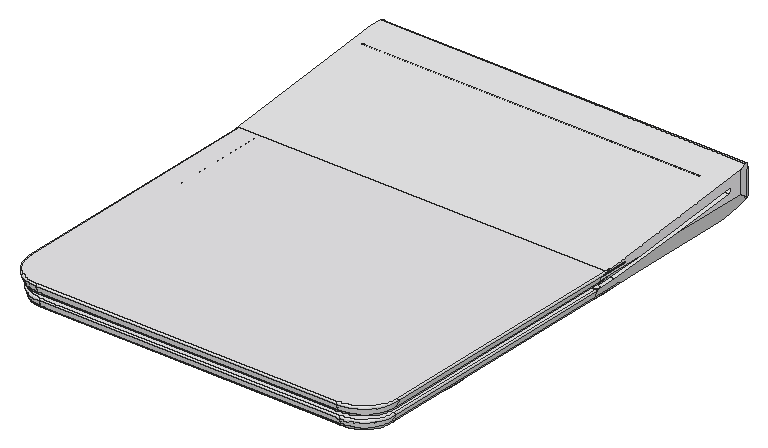
Revit family "Toilet_Seat-Square_Closed_Front-KOHLER-REVE-K-29020IN-1", category Specialty Equipment, host Face, Revit 2017
Family settings
  Host = Face
  Round Connector Dimension = Use Diameter
  Part Type = Normal
  OmniClass Number = 23.31.25.00
  Cut with Voids When Loaded = No
  Shared = No
  Room Calculation Point = No
Parameters (values of type "0-White")
  Width = 14 99/256"  # constant formula
  WaterSense Certified = 1 = 0  # no
  URL = "https://www.kohler.co.in/"
  Type = 1
  Product Page URL = ""
  Product Name = "REVE"  # constant formula
  Product Documentation Link = ""
  Model = "K-29020IN-UF-0"  # constant formula
  Material = "Plastic"  # constant formula
  Master Format 2014 Name = "Toilet, Bath, and Laundry Accessories"  # constant formula
  Master Format 2014 = "10 28 00"  # constant formula
  Manufacturer Address = "Ambience Office Tower NH-8 Gurgaon / Gurugram Haryana , 122001\r\n"  # constant formula
  Manufacturer = "KOHLER Co."  # constant formula
  Length = 18 115/128"  # constant formula
  Height = 2 31/256"  # constant formula
  Finish = Kohler-Plastic-0-White
  Environmental Product Declaration = ""
  Description = "Quiet Close Slim Seat UF"  # constant formula
  Default Elevation = 0"
  Declare Label = ""
  Date Modified = "12/29/2020"  # constant formula
  Date Created = "12/29/2020"  # constant formula
  Copyright = "Copyright KOHLER Co."  # constant formula
  Contact Us = "https://www.kohler.co.in/contact-us"
  Assembly Code = "C1030200"
  ADA Compliant = 1 = 0  # no
Reference planes (in)
  plane 1 "Center (Front/Back)": y = 0
  plane 2: z = 0
  plane 3 "Center (Left/Right)": x = 0
  plane 4: x = 7.19271
  plane 5: x = -7.19401
  plane 6: y = 9.44922
  plane 7: y = -9.44922
  plane 8: z = 2.12109
  plane 9: x = -5.58192
  plane 10: x = 5.58192
  plane 11: z = 0.30761
  plane 12: y = 4.44149
  plane 13: y = -6.00708
  plane 14: z = 0.82523
  plane 15: z = 0.23016
Dimensions and locks (in)
  equal spacing: plane 7, plane 1 "Center (Front/Back)", plane 6
  "Width": plane 5 to plane 4
  "Length": plane 7 to plane 6
  "Height": plane 8 to level
  plane 8 to plane 15 = 1.89093"
  plane 14 to plane 11 = 0.51761"
  plane 9 to plane 10 = 11.16383"
  plane 13 to plane 12 = 10.44858"
  aligned and locked: plane 2 to host face
  aligned and locked: level to host face
Automatic sketch dimensions
  host sketch curve to host sketch curve = 96"  (x2)
Nested families (in)
  nested 1: "K-29020IN" at (0, 0, 0), type "K-29020IN"
Definition of nested family "K-29020IN"
  Parameters (values of type "K-29020IN")
    Material = none
  Reference planes (in)
    plane 1 "Center (Front/Back)": y = 0
    plane 2: z = 0
    plane 3 "Center (Left/Right)": x = 0
    plane 4: y = 9.44882
    plane 5: y = -9.41904
    plane 6: x = -7.19271
    plane 7: x = 7.19271
    plane 8: z = 2.12101
    plane 9: z = 1.38208
    plane 10: z = 1.02279
    plane 11: z = 0.82523
    plane 12: z = 0.47873
    plane 13: z = 0.30761
    plane 14: z = 1.3058
    plane 15: z = 1.07991
    plane 16: z = 0.7498
    plane 17: z = 0.53517
    plane 18: y = 4.44149
    plane 19: y = -6.00708
    plane 20: x = -4.06743
    plane 21: x = 4.07614
    plane 22: y = 9.35638
    plane 23: y = 9.05931
    plane 24: y = 9.32323
    plane 25: y = 9.24048
    plane 26: z = 0.23007
  Forms (in)
    Sweep 1, solid, material <- "Material", detail levels medium+fine
      path origin (0, 0, 1.53684) x (1, 0, 0) y (0, 1, 0)
        loop
          line (7.18639, 2.95248) -> (7.18639, -8.07114)
          arc (7.18639, -8.07114) -> (6.79245, -9.02221) -> (5.84138, -9.41616) r 1.34502
          line (5.84138, -9.41616) -> (-5.8423, -9.41616)
          arc (-5.8423, -9.41616) -> (-6.79271, -9.02248) -> (-7.18639, -8.07207) r 1.34409
          line (-7.18639, -8.07207) -> (-7.18639, 2.7547)
      profile origin (-0.00046, -9.41616, 1.53684) x (0, -1, 0) y (0, 0, 1)
        loop
          line (-1.30966, -0.15476) -> (-1.30966, -0.51404) -> (-0.15266, -0.51404)
          arc (-0.15266, -0.51404) -> (-0.10315, -0.49794) -> (-0.07258, -0.45579) r 0.08417
          line (-0.07258, -0.45579) -> (0.00027, -0.23062)
          arc (0.00027, -0.23062) -> (-0.00801, -0.17864) -> (-0.05492, -0.15476) r 0.05801
          line (-0.05492, -0.15476) -> (-1.30966, -0.15476)
        loop
          line (-1.30966, -0.71161) -> (-1.30966, -1.05811) -> (-0.2936, -1.05811)
          arc (-0.2936, -1.05811) -> (-0.24408, -1.042) -> (-0.21352, -0.99985) r 0.08417
          line (-0.21352, -0.99985) -> (-0.1448, -0.78747)
          arc (-0.1448, -0.78747) -> (-0.15308, -0.73549) -> (-0.19999, -0.71161) r 0.05801
          line (-0.19999, -0.71161) -> (-1.30966, -0.71161)
    Extrusion 2, solid, material <- "Material", detail levels medium+fine
      sketch origin (0, 0, 1.53684) x (1, 0, 0) y (0, 1, 0)
        loop
          line (5.87674, 3.73988) -> (-5.87673, 3.73988) -> (-5.87673, -8.07207)
          arc (-5.87673, -8.07207) -> (-5.86665, -8.09642) -> (-5.8423, -8.1065) r 0.03443
          line (-5.8423, -8.1065) -> (5.84138, -8.1065)
          arc (5.84138, -8.1065) -> (5.86638, -8.09615) -> (5.87674, -8.07114) r 0.03536
          line (5.87674, -8.07114) -> (5.87674, 3.73988)
      from -1.05811 to -0.15476
    Extrusion 3, solid, material <- "Material", detail levels medium+fine
      sketch origin (0, 0, 1.53684) x (0, 1, 0) y (0, 0, 1)
        loop
          line (9.24864, 0.11608) -> (8.99569, 0.55545)
          arc (8.99569, 0.55545) -> (8.97172, 0.5782) -> (8.93922, 0.58417) r 0.05799
          line (8.93922, 0.58417) -> (1.7653, -0.1898) -> (1.7653, -1.05811) -> (4.04508, -1.05811) -> (7.87902, -0.99119)
          arc (7.87902, -0.99119) -> (8.30189, -0.95131) -> (8.71373, -0.84738) r 2.77602
          arc (8.71373, -0.84738) -> (8.97357, -0.71894) -> (9.18962, -0.52571) r 1.07434
          arc (9.18962, -0.52571) -> (9.32088, -0.21417) -> (9.24864, 0.11608) r 0.55925
      from -7.19012 to 7.18898
    Extrusion 4, void
      sketch origin (0, 0, 1.53684) x (1, 0, 0) y (0, 1, 0)
        loop
          arc (6.81624, 9.32361) -> (6.9037, 9.28918) -> (6.97726, 9.23065) r 0.31758
          arc (6.97726, 9.23065) -> (7.0405, 9.14597) -> (7.084, 9.04966) r 0.48747
          arc (7.084, 9.04966) -> (7.17638, 8.67433) -> (7.21217, 8.28947) r 2.6031
          line (7.21217, 8.28947) -> (7.28586, 8.28947) -> (7.28586, 9.41443) -> (6.50234, 9.41443) -> (6.50234, 9.37123)
          arc (6.50234, 9.37123) -> (6.66019, 9.35338) -> (6.81624, 9.32361) r 2.09193
        loop
          arc (-6.81623, 9.32361) -> (-6.66019, 9.35338) -> (-6.50234, 9.37123) r 2.09193
          line (-6.50234, 9.37123) -> (-6.50234, 9.41443) -> (-7.28586, 9.41443) -> (-7.28586, 8.28947) -> (-7.21217, 8.28947)
          arc (-7.21217, 8.28947) -> (-7.17638, 8.67433) -> (-7.084, 9.04966) r 2.6031
          arc (-7.084, 9.04966) -> (-7.0405, 9.14597) -> (-6.97726, 9.23065) r 0.48747
          arc (-6.97726, 9.23065) -> (-6.9037, 9.28918) -> (-6.81623, 9.32361) r 0.31758
      from -1.24662 to 0.68216
    Extrusion 5, void
      sketch origin (0, 0, 1.53684) x (0, 1, 0) y (0, 0, 1)
        loop
          line (-10.01668, -0.51404) -> (-10.01668, -0.71161) -> (1.72526, -0.71161)
          arc (1.72526, -0.71161) -> (2.15893, -0.69964) -> (2.59128, -0.66378) r 7.8633
          line (2.59128, -0.66378) -> (8.04807, -0.05912)
          arc (8.04807, -0.05912) -> (8.13225, 0.04575) -> (8.02762, 0.13023) r 0.09522
          line (8.02762, 0.13023) -> (2.71736, -0.4279)
          arc (2.71736, -0.4279) -> (1.89668, -0.49249) -> (1.07374, -0.51404) r 15.72413
          line (1.07374, -0.51404) -> (-10.01668, -0.51404)
      from -7.76546 to 7.9688
    Extrusion 6, void
      sketch origin (0, 0, 0.02201) x (1, 0, 0) y (0, 0, 1)
        loop
          line (7.2628, 0.45672) -> (7.2628, 1.40626) -> (6.95556, 0.45672) -> (7.2628, 0.45672)
        loop
          line (-7.26394, 0.35784) -> (-6.9247, 0.35784) -> (-7.26394, 1.40626) -> (-7.26394, 0.35784)
      from -9.78941 to -0.77455
    Sweep 7, solid, material <- "Material", detail levels medium+fine
      path origin (0, 0, 0) x (1, 0, 0) y (0, 1, 0)
        loop
          arc (-3.83272, 2.01106) -> (-4.35477, -0.84327) -> (-3.83272, -3.6976) r 8.06424
          arc (-3.83272, -3.6976) -> (-2.83657, -5.19043) -> (-1.28726, -6.09626) r 3.99332
          arc (-1.28726, -6.09626) -> (0.05872, -6.29417) -> (1.40027, -6.06822) r 4.36626
          arc (1.40027, -6.06822) -> (2.55761, -5.43509) -> (3.42316, -4.43954) r 3.74016
          arc (3.42316, -4.43954) -> (4.17056, -2.62096) -> (4.35329, -0.66329) r 6.64746
          arc (4.35329, -0.66329) -> (4.18759, 0.68909) -> (3.8439, 2.00752) r 10.24464
          arc (3.8439, 2.00752) -> (3.37702, 2.94822) -> (2.66966, 3.72446) r 3.78586
          arc (2.66966, 3.72446) -> (1.42108, 4.45013) -> (0.00406, 4.72871) r 4.36527
          arc (0.00406, 4.72871) -> (-1.4238, 4.49253) -> (-2.6594, 3.73895) r 3.79473
          arc (-2.6594, 3.73895) -> (-3.34793, 2.94418) -> (-3.83272, 2.01106) r 4.48995
      profile origin (-4.35477, -0.84327, 0) x (1, 0, 0) y (0, 0, 1)
        loop
          arc (-0.3081, 0.05985) -> (-0.2435, 0.01559) -> (-0.16676, 0.00001) r 0.19685
          line (-0.16676, 0.00001) -> (0.28733, 0.00001) -> (0.28733, 0.57057) -> (-1.57095, 0.57057)
          arc (-1.57095, 0.57057) -> (-1.43409, 0.52369) -> (-1.29087, 0.50333) r 0.76756
          arc (-1.29087, 0.50333) -> (-0.75718, 0.37535) -> (-0.3081, 0.05985) r 1.46415
    Extrusion 8, solid, material <- "Material", detail levels medium+fine
      sketch origin (0, 0, 0) x (1, 0, 0) y (0, 1, 0)
        loop
          arc (-3.864, 9.44882) -> (-4.04662, 9.43438) -> (-4.22471, 9.39143) r 1.16234
          arc (-4.22471, 9.39143) -> (-4.50647, 9.25903) -> (-4.74721, 9.06163) r 1.26107
          arc (-4.74721, 9.06163) -> (-4.83271, 8.85318) -> (-4.75487, 8.64176) r 0.31071
          arc (-4.75487, 8.64176) -> (-4.3526, 8.3452) -> (-3.864, 8.24016) r 1.18892
          line (-3.864, 8.24016) -> (3.864, 8.24016)
          arc (3.864, 8.24016) -> (4.3526, 8.3452) -> (4.75487, 8.64176) r 1.18892
          arc (4.75487, 8.64176) -> (4.83271, 8.85318) -> (4.74722, 9.06163) r 0.31071
          arc (4.74722, 9.06163) -> (4.50648, 9.25903) -> (4.22471, 9.39143) r 1.26107
          arc (4.22471, 9.39143) -> (4.04662, 9.43438) -> (3.864, 9.44882) r 1.16234
          line (3.864, 9.44882) -> (-3.864, 9.44882)
      from 0.23007 to 1.37543
    Extrusion 9, solid, material <- "Material", detail levels medium+fine
      sketch origin (0, 0, 0) x (0, 1, 0) y (0, 0, 1)
        loop
          circle (8.84449, 1.33331) r 0.51189
      from -5.56603 to 5.53623
    Extrusion 10, void
      sketch origin (0, 0, 0) x (1, 0, 0) y (0, 0, 1)
        loop
          line (5.53623, 1.98178) -> (-5.56338, 1.98178) -> (-5.56338, 0.47873) -> (5.53623, 0.47873) -> (5.53623, 1.98178)
      from -9.44882 to -8.24016
    Extrusion 11, void
      sketch origin (0, 0, 0) x (0, 1, 0) y (0, 0, 1)
        loop
          line (9.33237, 1.56108) -> (9.4538, 0.17319) -> (9.67244, 0.17319) -> (9.67244, 1.56108) -> (9.33237, 1.56108)
      from -4.47657 to 4.92126
    Extrusion 12, solid, material <- "Material", detail levels medium+fine
      sketch origin (0, 0, 0) x (1, 0, 0) y (0, 1, 0)
        loop
          arc (6.6155, -5.56125) -> (6.67473, -5.58438) -> (6.7208, -5.54055) r 0.05925
          arc (6.7208, -5.54055) -> (6.80673, -4.82936) -> (6.71596, -4.11878) r 2.90423
          arc (6.71596, -4.11878) -> (6.66563, -4.07182) -> (6.60192, -4.09786) r 0.06384
          arc (6.60192, -4.09786) -> (6.37323, -4.83174) -> (6.6155, -5.56125) r 1.25459
        loop
          arc (-6.6155, -5.56125) -> (-6.37323, -4.83174) -> (-6.60191, -4.09786) r 1.25459
          arc (-6.60191, -4.09786) -> (-6.66563, -4.07182) -> (-6.71596, -4.11878) r 0.06384
          arc (-6.71596, -4.11878) -> (-6.80673, -4.82936) -> (-6.7208, -5.54055) r 2.90423
          arc (-6.7208, -5.54055) -> (-6.67473, -5.58438) -> (-6.6155, -5.56125) r 0.05925
      from 0.30761 to 1.07562
    Extrusion 13, solid, material <- "Material", detail levels medium+fine
      sketch origin (0, 0, 0) x (1, 0, 0) y (0, 1, 0)
        loop
          arc (6.70564, 1.99356) -> (6.79156, 2.65338) -> (6.712, 3.314) r 2.67537
          arc (6.712, 3.314) -> (6.6612, 3.3614) -> (6.59721, 3.33434) r 0.06384
          arc (6.59721, 3.33434) -> (6.38751, 2.65516) -> (6.5922, 1.97445) r 1.21928
          arc (6.5922, 1.97445) -> (6.65511, 1.94726) -> (6.70564, 1.99356) r 0.06302
        loop
          arc (-6.70563, 1.99356) -> (-6.65511, 1.94726) -> (-6.5922, 1.97445) r 0.06302
          arc (-6.5922, 1.97445) -> (-6.38751, 2.65516) -> (-6.59721, 3.33434) r 1.21928
          arc (-6.59721, 3.33434) -> (-6.6612, 3.3614) -> (-6.712, 3.314) r 0.06384
          arc (-6.712, 3.314) -> (-6.79156, 2.65338) -> (-6.70563, 1.99356) r 2.67537
      from 0.30761 to 0.67713
    Extrusion 14, solid, material <- "Material", detail levels coarse
      sketch origin (0, 0, 0) x (1, 0, 0) y (0, 1, 0)
        loop
          arc (-6.69012, 9.69882) -> (-7.22045, 9.47915) -> (-7.44012, 8.94882) r 0.75
          line (-7.44012, 8.94882) -> (-7.44012, -7.9958)
          arc (-7.44012, -7.9958) -> (-6.92756, -9.23324) -> (-5.69012, -9.7458) r 1.75
          line (-5.69012, -9.7458) -> (6.17834, -9.7458)
          arc (6.17834, -9.7458) -> (7.06975, -9.37657) -> (7.43898, -8.48516) r 1.26065
          line (7.43898, -8.48516) -> (7.43898, 8.69882)
          arc (7.43898, 8.69882) -> (7.14609, 9.40593) -> (6.43898, 9.69882) r 1
          line (6.43898, 9.69882) -> (-6.69012, 9.69882)
      from 0.00001 to 2.26401
    Extrusion 15, void
      sketch origin (0, 0, 0) x (0, 1, 0) y (0, 0, 1)
        loop
          line (9.68619, 2.32659) -> (-10.2458, 2.32659) -> (-10.2458, 1.46848) -> (1.73234, 1.46848) -> (9.68619, 2.32659)
      from -7.91749 to 7.98295
  Cuts and joins
    Extrusion 4, Extrusion 5, Extrusion 6, Extrusion 10 cuts Extrusion 3
    Extrusion 5 cuts Sweep 1
    Extrusion 5 cuts Extrusion 2
    Extrusion 11 cuts Extrusion 8
    joined: Sweep 1, Extrusion 2, Sweep 7, Extrusion 8, Extrusion 12, Extrusion 13
    Extrusion 15 cuts Extrusion 14
  Lines and regions (in)
    Masking region 1
      outline origin (0, 0, 0) x (1, 0, 0) y (0, 1, 0)
        loop
          arc (-3.864, 9.44882) -> (-4.04662, 9.43438) -> (-4.22471, 9.39143) r 1.16234
          arc (-4.22471, 9.39143) -> (-4.27227, 9.37485) -> (-4.31913, 9.35638) r 1.26107
          line (-4.31913, 9.35638) -> (-5.56603, 9.35638) -> (-5.56603, 9.32231) -> (-6.82165, 9.32231)
          arc (-6.82165, 9.32231) -> (-6.90611, 9.28777) -> (-6.97726, 9.23065) r 0.31758
          arc (-6.97726, 9.23065) -> (-7.0405, 9.14597) -> (-7.084, 9.04966) r 0.48747
          arc (-7.084, 9.04966) -> (-7.14781, 8.81877) -> (-7.19012, 8.58299) r 2.6031
          line (-7.19012, 8.58299) -> (-7.19012, -8.07076)
          arc (-7.19012, -8.07076) -> (-6.79522, -9.02414) -> (-5.84184, -9.41904) r 1.34828
          line (-5.84184, -9.41904) -> (5.84233, -9.41904)
          arc (5.84233, -9.41904) -> (6.79456, -9.02462) -> (7.18898, -8.07239) r 1.34665
          line (7.18898, -8.07239) -> (7.18898, 8.59148)
          arc (7.18898, 8.59148) -> (7.14686, 8.82294) -> (7.084, 9.04966) r 2.6031
          arc (7.084, 9.04966) -> (7.0405, 9.14597) -> (6.97726, 9.23065) r 0.48747
          arc (6.97726, 9.23065) -> (6.90443, 9.28875) -> (6.81788, 9.32323) r 0.31758
          line (6.81788, 9.32323) -> (5.53623, 9.32323) -> (5.53623, 9.35638) -> (4.31913, 9.35638)
          arc (4.31913, 9.35638) -> (4.27227, 9.37485) -> (4.22471, 9.39143) r 1.26107
          arc (4.22471, 9.39143) -> (4.04662, 9.43438) -> (3.864, 9.44882) r 1.16234
          line (3.864, 9.44882) -> (-3.864, 9.44882)
    Masking region 2
      outline origin (0, 0, 0) x (1, 0, 0) y (0, 0, 1)
        loop
          spline (-7.11738, 2.12101) -> (-7.12515, 2.11792) -> (-7.1326, 2.11483) -> (-7.13972, 2.11173) -> (-7.14652, 2.10862) -> (-7.15298, 2.1055) -> (-7.15912, 2.10238) -> (-7.16493, 2.09925) -> (-7.1704, 2.09611) -> (-7.17555, 2.09296) -> (-7.18036, 2.08981) -> (-7.18484, 2.08665) -> (-7.18898, 2.08349)
          line (-7.18898, 2.08349) -> (-7.18898, 1.20013) -> (-6.95556, 0.47873) -> (-6.80675, 0.47873) -> (-6.80675, 0.30761) -> (-6.37297, 0.30761) -> (-6.37297, 0.47873) -> (-5.43477, 0.47873)
          arc (-5.43477, 0.47873) -> (-5.16609, 0.39703) -> (-4.91687, 0.2679) r 1.58864
          arc (-4.91687, 0.2679) -> (-4.78344, 0.17217) -> (-4.6628, 0.06075) r 1.33237
          arc (-4.6628, 0.06075) -> (-4.5979, 0.01582) -> (-4.52058, 0) r 0.19685
          line (-4.52058, 0) -> (4.52981, 0)
          arc (4.52981, 0) -> (4.60713, 0.01582) -> (4.67202, 0.06075) r 0.19685
          arc (4.67202, 0.06075) -> (4.78743, 0.16788) -> (4.91466, 0.26064) r 1.33237
          arc (4.91466, 0.26064) -> (5.17092, 0.39399) -> (5.44708, 0.47873) r 1.58864
          line (5.44708, 0.47873) -> (6.37297, 0.47873) -> (6.37297, 0.30761) -> (6.80675, 0.30761) -> (6.80675, 0.47873) -> (6.95556, 0.47873) -> (7.18898, 1.20013) -> (7.18898, 2.12101) -> (-7.11738, 2.12101)
    Masking region 3
      outline origin (0, 0, 0) x (0, 1, 0) y (0, 0, 1)
        loop
          line (8.94053, 2.12115) -> (2.09009, 1.38208) -> (-9.36092, 1.38208)
          arc (-9.36092, 1.38208) -> (-9.40806, 1.35806) -> (-9.41634, 1.3058) r 0.05827
          line (-9.41634, 1.3058) -> (-9.34294, 1.07991)
          arc (-9.34294, 1.07991) -> (-9.31292, 1.03858) -> (-9.26433, 1.02279) r 0.08266
          line (-9.26433, 1.02279) -> (-5.58556, 1.02279) -> (-5.58556, 0.82523) -> (-9.21683, 0.82523)
          arc (-9.21683, 0.82523) -> (-9.26344, 0.80147) -> (-9.27163, 0.7498) r 0.05762
          line (-9.27163, 0.7498) -> (-9.20189, 0.53517)
          arc (-9.20189, 0.53517) -> (-9.17222, 0.49433) -> (-9.1242, 0.47873) r 0.08169
          line (-9.1242, 0.47873) -> (-7.37985, 0.47873)
          arc (-7.37985, 0.47873) -> (-6.95889, 0.32955) -> (-6.60236, 0.06057) r 1.4662
          arc (-6.60236, 0.06057) -> (-6.53679, 0.01576) -> (-6.45896, 0) r 0.20004
          line (-6.45896, 0) -> (4.90038, 0)
          arc (4.90038, 0) -> (4.97169, 0.01423) -> (5.03207, 0.05475) r 0.18576
          arc (5.03207, 0.05475) -> (5.52718, 0.3901) -> (6.11201, 0.51481) r 1.56177
          line (6.11201, 0.51481) -> (7.87902, 0.54565)
          arc (7.87902, 0.54565) -> (8.06008, 0.55473) -> (8.24016, 0.57561) r 2.77602
          line (8.24016, 0.57561) -> (8.24016, 0.23007) -> (9.44882, 0.23007) -> (9.35958, 1.31807)
          arc (9.35958, 1.31807) -> (9.35005, 1.4166) -> (9.32184, 1.51149) r 0.51464
          line (9.32184, 1.51149) -> (8.9947, 2.09325)
          arc (8.9947, 2.09325) -> (8.9718, 2.11533) -> (8.94053, 2.12115) r 0.05534
        loop
          line (-4.07055, 0.82523) -> (1.72526, 0.82523)
          arc (1.72526, 0.82523) -> (2.15893, 0.83719) -> (2.59128, 0.87306) r 7.8633
          line (2.59128, 0.87306) -> (7.8739, 1.45842)
          arc (7.8739, 1.45842) -> (7.99645, 1.52908) -> (8.02762, 1.66706) r 0.17633
          line (8.02762, 1.66706) -> (2.71736, 1.10893)
          arc (2.71736, 1.10893) -> (1.89668, 1.04434) -> (1.07374, 1.02279) r 15.72413
          line (1.07374, 1.02279) -> (-4.07055, 1.02279) -> (-4.07055, 0.82523)
    symbolic lines, detail levels medium+fine
      curve 1: line (-4.31778, 9.35694, 0) -> (4.31779, 9.35694, 0)
      curve 2: line (-5.56338, 9.32323, 0) -> (-5.56338, 9.05931, 0)
      curve 3: line (-5.56338, 9.05931, 0) -> (5.53623, 9.05931, 0)
      curve 4: line (5.53623, 9.05931, 0) -> (5.53623, 9.32323, 0)
      curve 5: line (-5.56338, 9.24048, 0) -> (-6.78701, 9.24048, 0)
      curve 6: line (-7.09388, -8.17585, 0) -> (-7.09388, 8.60565, 0)
      curve 7: arc (-7.09388, 8.60565, 0) -> (-7.01314, 8.9582, 0) -> (-6.78701, 9.24048, 0) r 0.81009
      curve 8: arc (-7.09388, -8.17585, 0) -> (-6.75836, -8.98586, 0) -> (-5.94835, -9.32138, 0) r 1.14553
      curve 9: line (-5.94835, -9.32138, 0) -> (5.94835, -9.32138, 0)
      curve 10: line (5.53623, 9.24048, 0) -> (6.78701, 9.24048, 0)
      curve 11: line (7.09388, -8.17585, 0) -> (7.09388, 8.60565, 0)
      curve 12: arc (7.09388, 8.60565, 0) -> (7.01314, 8.9582, 0) -> (6.78701, 9.24048, 0) r 0.81009
      curve 13: arc (7.09388, -8.17585, 0) -> (6.75836, -8.98586, 0) -> (5.94835, -9.32138, 0) r 1.14553
      curve 14: line (-7.1324, 0, 1.38192) -> (7.13168, 0, 1.38192)
      curve 15: line (7.03546, 0, 1.0229) -> (-7.03377, 0, 1.0229)
      curve 16: line (-7.18697, 0, 1.3058) -> (-7.11376, 0, 1.08107)
      curve 17: arc (-7.1324, 0, 1.38192) -> (-7.17923, 0, 1.35787) -> (-7.18697, 0, 1.3058) r 0.05762
      curve 18: arc (-7.11376, 0, 1.08107) -> (-7.08322, 0, 1.03898) -> (-7.03377, 0, 1.0229) r 0.08409
      curve 19: line (-7.04664, 0, 0.76498) -> (-6.97228, 0, 0.53517)
      curve 20: line (-6.9864, 0, 0.82523) -> (6.9864, 0, 0.82523)
      curve 21: line (6.80675, 0, 0.47873) -> (6.37318, 0, 0.47873)
      curve 22: line (-6.37318, 0, 0.47873) -> (-6.80675, 0, 0.47873)
      curve 23: line (-6.80713, 0, 0.82523) -> (-6.80713, 0, 1.0229)
      curve 24: line (-6.37324, 0, 0.82523) -> (-6.37324, 0, 1.0229)
      curve 25: line (6.373, 0, 0.82523) -> (6.373, 0, 1.0229)
      curve 26: line (6.80589, 0, 0.82523) -> (6.80589, 0, 1.0229)
      curve 27: line (7.11321, 0, 1.07991) -> (7.18668, 0, 1.30637)
      curve 28: arc (7.13168, 0, 1.38192) -> (7.1784, 0, 1.35814) -> (7.18668, 0, 1.30637) r 0.05779
      curve 29: arc (7.11321, 0, 1.07991) -> (7.08366, 0, 1.03868) -> (7.03546, 0, 1.0229) r 0.08153
      curve 30: arc (6.9864, 0, 0.82523) -> (7.03317, 0, 0.80153) -> (7.04173, 0, 0.7498) r 0.05801
      curve 31: line (-5.43837, 0, 0.47873) -> (5.44708, 0, 0.47873)
      curve 32: arc (-6.9864, 0, 0.82523) -> (-7.029, 0, 0.80758) -> (-7.04664, 0, 0.76498) r 0.06024
      curve 33: line (0, -4.07077, 0.47873) -> (0, -4.07077, 0.30761)
      curve 34: line (0, -4.07077, 0.30761) -> (0, -5.5855, 0.30761)
      curve 35: line (0, -5.5855, 0.30761) -> (0, -5.5855, 0.47873)
      curve 36: line (0, 3.36238, 0.30761) -> (0, 3.36238, 0.47873)
      curve 37: line (0, 3.36238, 0.30761) -> (0, 1.94638, 0.30761)
      curve 38: line (0, 1.94638, 0.30761) -> (0, 1.94638, 0.47873)
      curve 39: line (0, -9.41634, 1.3058) -> (0, 1.61374, 1.3058)
      curve 40: line (0, -9.34294, 1.07991) -> (0, 1.31083, 1.07991)
      curve 41: line (0, -7.37985, 0.47873) -> (0, 5.80443, 0.47873)
      curve 42: line (0, -4.07055, 1.02279) -> (0, -5.58556, 1.02279)
      curve 43: line (0, -5.5855, 0.82523) -> (0, -4.07055, 0.82523)
      curve 44: line (0, -9.27163, 0.7498) -> (0, 1.51053, 0.7498)
      curve 45: line (0, -9.20189, 0.53517) -> (0, 1.66276, 0.53517)
      curve 46: arc (0, 7.8739, 1.45842) -> (0, 8.47494, 1.70412) -> (0, 8.99462, 2.09341) r 2.55486
      curve 47: line (0, 2.28428, 1.34094) -> (0, 8.58299, 2.00296)
      curve 48: line (0, 2.05509, 1.11891) -> (0, 8.00665, 1.74445)
      curve 49: arc (0, 8.58299, 2.00296) -> (0, 8.76748, 2.04273) -> (0, 8.93922, 2.12098) r 0.87867
      curve 50: arc (0, 8.00665, 1.74445) -> (0, 8.49937, 1.86724) -> (0, 8.93922, 2.12098) r 1.82583
      curve 51: arc (0, 8.02762, 1.66706) -> (0, 8.53175, 1.83345) -> (0, 8.99462, 2.09341) r 2.75603
      curve 52: arc (0, 1.61374, 1.3058) -> (0, 1.94947, 1.31459) -> (0, 2.28428, 1.34094) r 6.41495
      curve 53: arc (0, 1.31083, 1.07991) -> (0, 1.68347, 1.08967) -> (0, 2.05509, 1.11891) r 7.12022
      curve 54: line (0, 2.7319, 0.81591) -> (0, 7.94655, 1.38208)
      curve 55: line (0, 2.27533, 0.56833) -> (0, 7.98143, 1.18786)
      curve 56: arc (0, 7.94655, 1.38208) -> (0, 8.63373, 1.45171) -> (0, 9.32184, 1.51149) r 48.2134
      curve 57: arc (0, 7.98143, 1.18786) -> (0, 8.66207, 1.30647) -> (0, 9.32184, 1.51149) r 5.36947
      curve 58: arc (0, 1.51053, 0.7498) -> (0, 2.12211, 0.76634) -> (0, 2.7319, 0.81591) r 11.31546
      curve 59: arc (0, 1.66276, 0.53517) -> (0, 1.96949, 0.54347) -> (0, 2.27533, 0.56833) r 5.67522
      curve 60: line (-7.18697, 0, 1.3058) -> (7.18649, 0, 1.3058)
      curve 61: line (7.11321, 0, 1.07991) -> (-7.11337, 0, 1.07991)
      curve 62: line (7.04173, 0, 0.7498) -> (-7.04173, 0, 0.7498)
      curve 63: line (6.97382, 0, 0.53517) -> (-6.97228, 0, 0.53517)
      curve 64: arc (0, 8.24016, 0.57561) -> (0, 8.47945, 0.62213) -> (0, 8.71373, 0.68946) r 2.77602
      curve 65: arc (0, 8.71373, 0.68946) -> (0, 8.97357, 0.8179) -> (0, 9.18962, 1.01113) r 1.07434
      curve 66: arc (0, 9.02343, 0.85371) -> (0, 9.26498, 1.04139) -> (0, 9.35638, 1.33331) r 0.51189
      curve 67: arc (0, 9.18962, 1.01113) -> (0, 9.30803, 1.24439) -> (0, 9.3074, 1.50599) r 0.55925
  Dimensions and locks (in)
    equal spacing: plane 6, plane 3 "Center (Left/Right)", plane 7
    plane 6 to plane 7 = 14.38542"
    plane 5 to plane 4 = 18.86786"
    plane 18 to plane 19 = 10.44858"
    plane 20 to plane 21 = 8.14358"
    aligned and locked: plane 2 to level
  Automatic sketch dimensions
    Sweep 1 sketch curve to profile plane = 0.15476"
    profile plane to Sweep 1 sketch curve = 1.30966"
    Sweep 1 sketch curve to Sweep 1 sketch curve = 0"
    profile plane to Sweep 1 sketch curve = 0.2936"
    Sweep 1 sketch curve to Sweep 1 sketch curve = 0.08008"
    profile plane to Sweep 1 sketch curve = 0.19999"
    profile plane to Sweep 1 sketch curve = 0.15266"
    Sweep 1 sketch curve to Sweep 1 sketch curve = 0.05519"
    profile plane to Sweep 1 sketch curve = 0.07258"
    profile plane to Sweep 1 sketch curve = 0.05492"
    Sweep 1 sketch curve to profile plane = 0.00027"
    Sweep 1 sketch curve to Sweep 1 sketch curve = 0.05801"  (x2)
    Sweep 1 sketch curve to Sweep 1 sketch curve = 0.21711"
    Sweep 1 sketch curve to Sweep 1 sketch curve = 0.02591"  (x2)
    Sweep 1 sketch curve to Sweep 1 sketch curve = 0.19757"
    Sweep 1 sketch curve to Sweep 1 sketch curve = 0.20433"
    plane 6 to Extrusion 2 sketch curve = 1.31598"  (x2)
    Extrusion 2 sketch curve to Extrusion 2 sketch curve = 0.03443"
    plane 7 to Extrusion 2 sketch curve = 1.35133"
    Extrusion 2 sketch curve to Extrusion 2 sketch curve = 0.03536"
    plane 7 to Extrusion 2 sketch curve = 1.31597"
    Extrusion 2 sketch curve to plane 5 = 1.31254"
    Extrusion 2 sketch curve to Extrusion 2 sketch curve = 0"  (x2)
    Extrusion 2 sketch curve to plane 1 "Center (Front/Back)" = 3.73988"
    Extrusion 4 sketch curve to plane 6 = 0.09315"
    Extrusion 4 sketch curve to plane 6 = 0.01946"
    plane 6 to Extrusion 4 sketch curve = 0.4478"
    Extrusion 4 sketch curve to Extrusion 4 sketch curve = 0.12429"  (x2)
    Extrusion 4 sketch curve to plane 4 = 0.07759"
    Extrusion 4 sketch curve to Extrusion 4 sketch curve = 0.24257"
    plane 6 to Extrusion 4 sketch curve = 0.84628"
    Extrusion 4 sketch curve to plane 4 = 1.20725"  (x2)
    Extrusion 4 sketch curve to Extrusion 4 sketch curve = 1.73692"
    plane 7 to Extrusion 4 sketch curve = 2.5832"
    plane 7 to Extrusion 4 sketch curve = 0.84628"
    Extrusion 4 sketch curve to plane 4 = 0.03439"  (x2)
    plane 7 to Extrusion 4 sketch curve = 0.69037"
    Extrusion 4 sketch curve to Extrusion 4 sketch curve = 0.11828"
    Extrusion 4 sketch curve to plane 7 = 0.01946"
    Extrusion 4 sketch curve to plane 7 = 0.09315"
    Extrusion 4 sketch curve to Extrusion 4 sketch curve = 0.95645"  (x2)
    Extrusion 4 sketch curve to plane 4 = 1.15935"
    Extrusion 4 sketch curve to Extrusion 4 sketch curve = 1.12497"
    Extrusion 4 sketch curve to Extrusion 4 sketch curve = 0.4729"
    Extrusion 4 sketch curve to Extrusion 4 sketch curve = 0.5161"
    Extrusion 4 sketch curve to Extrusion 4 sketch curve = 0.11582"  (x2)
    Extrusion 4 sketch curve to Extrusion 4 sketch curve = 0.0432"
    Extrusion 4 sketch curve to Extrusion 4 sketch curve = 0"  (x4)
    plane 6 to Sweep 1 sketch curve = 0.00632"
    Sweep 1 sketch curve to plane 5 = 0.00288"
    plane 6 to Sweep 1 sketch curve = 1.35041"
    plane 7 to Sweep 1 sketch curve = 1.35133"
    plane 7 to Sweep 1 sketch curve = 0.00632"
    Sweep 1 sketch curve to plane 1 "Center (Front/Back)" = 2.7547"
    Sweep 1 sketch curve to plane 1 "Center (Front/Back)" = 2.95248"
    Extrusion 3 sketch curve to plane 1 "Center (Front/Back)" = 1.7653"
    level to Extrusion 3 sketch curve = 1.34704"
    level to Extrusion 3 sketch curve = 0.47873"
    Extrusion 3 sketch curve to Extrusion 3 sketch curve = 2.27978"
    Extrusion 3 sketch curve to plane 4 = 1.61825"
    level to Extrusion 3 sketch curve = 0.54565"
    Extrusion 3 sketch curve to plane 4 = 1.5698"
    Extrusion 3 sketch curve to plane 4 = 1.07687"
    Extrusion 3 sketch curve to Extrusion 3 sketch curve = 0.39203"
    Extrusion 3 sketch curve to plane 4 = 0.5096"
    Extrusion 3 sketch curve to Extrusion 3 sketch curve = 0.00621"
    Extrusion 3 sketch curve to Extrusion 3 sketch curve = 0.05026"
    Extrusion 3 sketch curve to plane 4 = 0.20017"
    Extrusion 3 sketch curve to Extrusion 3 sketch curve = 0.82823"
    Extrusion 3 sketch curve to Extrusion 3 sketch curve = 0.27904"
    Extrusion 3 sketch curve to Extrusion 3 sketch curve = 0.3341"
    Extrusion 3 sketch curve to Extrusion 3 sketch curve = 0.41044"
    Extrusion 3 sketch curve to Extrusion 3 sketch curve = 0.02893"
    Extrusion 3 sketch curve to Extrusion 3 sketch curve = 1.20024"
    Extrusion 3 sketch curve to Extrusion 3 sketch curve = 0"
    Extrusion 6 sketch curve to plane 6 = 0.07123"
    plane 6 to Extrusion 6 sketch curve = 0.26801"
    plane 7 to Extrusion 6 sketch curve = 0.23715"
    Extrusion 6 sketch curve to plane 7 = 0.07009"
    level to Extrusion 6 sketch curve = 0.47873"
    level to Extrusion 6 sketch curve = 0.37985"
    Extrusion 6 sketch curve to Extrusion 6 sketch curve = 0.94954"
    Extrusion 6 sketch curve to Extrusion 6 sketch curve = 1.04842"
    plane 5 to Extrusion 5 sketch curve = 153/256"
    Extrusion 5 sketch curve to plane 1 "Center (Front/Back)" = 1.07374"
    Extrusion 5 sketch curve to plane 1 "Center (Front/Back)" = 1.72526"
    level to Extrusion 5 sketch curve = 0.87306"
    Extrusion 5 sketch curve to Extrusion 5 sketch curve = 0.86601"
    level to Extrusion 5 sketch curve = 1.10893"
    Extrusion 5 sketch curve to Extrusion 5 sketch curve = 0.12609"
    Extrusion 5 sketch curve to plane 4 = 1.42119"
    Extrusion 5 sketch curve to Extrusion 5 sketch curve = 0.00995"
    Extrusion 5 sketch curve to Extrusion 5 sketch curve = 0.01049"
    level to Extrusion 5 sketch curve = 0.82523"
    Extrusion 5 sketch curve to Extrusion 5 sketch curve = 0.19757"
    level to Extrusion 5 sketch curve = 1.47772"
    Extrusion 5 sketch curve to Extrusion 5 sketch curve = 0.09464"
    plane 6 to Sweep 7 sketch curve = 1.31705"
    plane 1 "Center (Front/Back)" to Sweep 7 sketch curve = 1.03114"
    Sweep 7 sketch curve to plane 3 "Center (Left/Right)" = 2.28399"
    Sweep 7 sketch curve to plane 3 "Center (Left/Right)" = 0.11791"
    Sweep 7 sketch curve to plane 3 "Center (Left/Right)" = 0.10197"
    Sweep 7 sketch curve to plane 3 "Center (Left/Right)" = 0.09791"
    plane 3 "Center (Left/Right)" to Sweep 7 sketch curve = 0.01316"
    plane 3 "Center (Left/Right)" to Sweep 7 sketch curve = 0.21206"
    plane 3 "Center (Left/Right)" to Sweep 7 sketch curve = 0.25209"
    plane 3 "Center (Left/Right)" to Sweep 7 sketch curve = 0.36656"
    plane 7 to Sweep 7 sketch curve = 3.48323"
    plane 1 "Center (Front/Back)" to Sweep 7 sketch curve = 1.23019"
    plane 1 "Center (Front/Back)" to Sweep 7 sketch curve = 1.92815"
    Sweep 7 sketch curve to Sweep 7 sketch curve = 0.35601"
    Sweep 7 sketch curve to Sweep 7 sketch curve = 0.23765"
    plane 1 "Center (Front/Back)" to Sweep 7 sketch curve = 0.84327"
    Sweep 7 sketch curve to plane 1 "Center (Front/Back)" = 0.36515"
    Sweep 7 sketch curve to plane 1 "Center (Front/Back)" = 0.42185"
    Sweep 7 sketch curve to Sweep 7 sketch curve = 0.38919"
    Sweep 7 sketch curve to Sweep 7 sketch curve = 0.12442"
    Sweep 7 sketch curve to plane 1 "Center (Front/Back)" = 2.01106"
    Sweep 7 sketch curve to Sweep 7 sketch curve = 0"  (x10)
    Extrusion 8 sketch curve to plane 4 = 0"
    Extrusion 8 sketch curve to plane 4 = 0.6013"  (x2)
    plane 6 to Extrusion 8 sketch curve = 2.67066"
    Extrusion 8 sketch curve to Extrusion 8 sketch curve = 0.65805"  (x2)
    Extrusion 8 sketch curve to Extrusion 8 sketch curve = 0"  (x5)
    Extrusion 8 sketch curve to Extrusion 8 sketch curve = 0.03064"  (x2)
    Extrusion 8 sketch curve to plane 4 = 1.25619"
    plane 7 to Extrusion 8 sketch curve = 3.35935"
    Extrusion 8 sketch curve to Extrusion 8 sketch curve = 0.65489"
    Extrusion 8 sketch curve to Extrusion 8 sketch curve = 0.04753"
    Extrusion 8 sketch curve to Extrusion 8 sketch curve = 0.04632"  (x2)
    Extrusion 8 sketch curve to plane 4 = 0.01973"
    Extrusion 8 sketch curve to Extrusion 8 sketch curve = 0.01973"
    Extrusion 8 sketch curve to Extrusion 8 sketch curve = 0.22516"
    Extrusion 9 sketch curve to plane 4 = 0.60433"
    level to Extrusion 9 sketch curve = 1.33331"
    plane 6 to Extrusion 10 sketch curve = 1.62933"
    level to Extrusion 10 sketch curve = 0.47873"
    plane 7 to Extrusion 10 sketch curve = 1.65648"
    Extrusion 10 sketch curve to Extrusion 10 sketch curve = 1.50305"
    plane 4 to Extrusion 11 sketch curve = 0.22363"
    level to Extrusion 11 sketch curve = 1.56108"
    plane 4 to Extrusion 11 sketch curve = 0.00498"
    level to Extrusion 11 sketch curve = 0.17319"
    Extrusion 11 sketch curve to plane 4 = 0.11645"
    Extrusion 12 sketch curve to plane 6 = 0.43506"
    plane 6 to Extrusion 12 sketch curve = 0.5294"
    plane 6 to Extrusion 12 sketch curve = 0.53859"
    Extrusion 12 sketch curve to Extrusion 12 sketch curve = 2.7516"
    plane 7 to Extrusion 12 sketch curve = 3.29019"
    plane 7 to Extrusion 12 sketch curve = 0.53859"
    plane 7 to Extrusion 12 sketch curve = 0.5294"
    Extrusion 12 sketch curve to plane 7 = 0.43506"
    Extrusion 12 sketch curve to plane 5 = 3.89279"  (x2)
    Extrusion 12 sketch curve to Extrusion 12 sketch curve = 0.687"  (x2)
    Extrusion 12 sketch curve to Extrusion 12 sketch curve = 0.70615"  (x2)
    Extrusion 12 sketch curve to Extrusion 12 sketch curve = 0.68548"  (x2)
    Extrusion 12 sketch curve to Extrusion 12 sketch curve = 0.05749"
    Extrusion 12 sketch curve to Extrusion 12 sketch curve = 0"  (x6)
    Extrusion 12 sketch curve to Extrusion 12 sketch curve = 0.0522"
    Extrusion 13 sketch curve to plane 6 = 53/128"
    plane 6 to Extrusion 13 sketch curve = 0.54265"
    plane 6 to Extrusion 13 sketch curve = 0.54807"
    Extrusion 13 sketch curve to Extrusion 13 sketch curve = 2.53384"
    plane 7 to Extrusion 13 sketch curve = 3.07649"
    plane 7 to Extrusion 13 sketch curve = 0.54807"
    plane 7 to Extrusion 13 sketch curve = 0.54265"
    Extrusion 13 sketch curve to plane 7 = 53/128"
    Extrusion 13 sketch curve to plane 1 "Center (Front/Back)" = 2.0094"  (x2)
    Extrusion 13 sketch curve to Extrusion 13 sketch curve = 0.64127"  (x2)
    Extrusion 13 sketch curve to Extrusion 13 sketch curve = 0.65687"  (x2)
    Extrusion 13 sketch curve to Extrusion 13 sketch curve = 0.64787"  (x2)
    Extrusion 13 sketch curve to Extrusion 13 sketch curve = 0.06194"
    Extrusion 13 sketch curve to Extrusion 13 sketch curve = 0"  (x6)
    Extrusion 13 sketch curve to Extrusion 13 sketch curve = 0.05244"
    profile plane to Sweep 7 sketch curve = 1.25494"
    level to Sweep 7 sketch curve = 0"
    profile plane to Sweep 7 sketch curve = 0.16676"
    Sweep 7 sketch curve to profile plane = 0.28733"
    Sweep 7 sketch curve to level = 0.95921"
    Sweep 7 sketch curve to Sweep 7 sketch curve = 0.19685"
    level to Sweep 7 sketch curve = 1.27005"
    Sweep 7 sketch curve to Sweep 7 sketch curve = 0.31602"
    Sweep 7 sketch curve to Sweep 7 sketch curve = 0.28009"
    Sweep 7 sketch curve to Sweep 7 sketch curve = 0.57056"
    plane 5 to Masking region 1 sketch curve = 0"
    Masking region 1 sketch curve to plane 4 = 0"
    plane 6 to Masking region 1 sketch curve = 0.00259"
    plane 6 to Masking region 1 sketch curve = 0.37106"
    Masking region 1 sketch curve to Masking region 1 sketch curve = 0.07674"
    Masking region 1 sketch curve to Masking region 1 sketch curve = 0.12429"  (x2)
    plane 6 to Masking region 1 sketch curve = 1.35087"
    Masking region 1 sketch curve to plane 4 = 0.12651"
    Masking region 1 sketch curve to Masking region 1 sketch curve = 1.05459"
    Masking region 1 sketch curve to Masking region 1 sketch curve = 0.95653"
    Masking region 1 sketch curve to plane 4 = 0.09244"  (x2)
    Masking region 1 sketch curve to Masking region 1 sketch curve = 0.29038"
    Masking region 1 sketch curve to Masking region 1 sketch curve = 0.45513"
    Masking region 1 sketch curve to Masking region 1 sketch curve = 0.03064"  (x2)
    plane 7 to Masking region 1 sketch curve = 3.35935"
    Masking region 1 sketch curve to Masking region 1 sketch curve = 0.74551"
    Masking region 1 sketch curve to Masking region 1 sketch curve = 0.92672"
    plane 7 to Masking region 1 sketch curve = 1.35038"
    plane 7 to Masking region 1 sketch curve = 0.57209"
    Masking region 1 sketch curve to Masking region 1 sketch curve = 0.07296"
    plane 7 to Masking region 1 sketch curve = 0.00373"
    Masking region 1 sketch curve to plane 4 = 1.25619"
    Masking region 1 sketch curve to Masking region 1 sketch curve = 0.04894"  (x2)
    Masking region 1 sketch curve to Masking region 1 sketch curve = 0.09385"  (x2)
    Masking region 1 sketch curve to Masking region 1 sketch curve = 0.73932"
    Masking region 1 sketch curve to Masking region 1 sketch curve = 0.73175"
    Masking region 1 sketch curve to Masking region 1 sketch curve = 0.42398"
    Masking region 1 sketch curve to Masking region 1 sketch curve = 0.4249"
    Masking region 1 sketch curve to Masking region 1 sketch curve = 0.11582"  (x2)
    Masking region 1 sketch curve to Masking region 1 sketch curve = 0.03315"
    Masking region 1 sketch curve to Masking region 1 sketch curve = 0"  (x3)
    Masking region 1 sketch curve to plane 4 = 0.05739"
    plane 6 to curve 6 = 0.09883"
    curve 5 to plane 4 = 0.20834"
    plane 6 to curve 5 = 0.4057"
    curve 5 to curve 7 = 0.50322"
    curve 9 to plane 5 = 25/256"
    plane 6 to curve 9 = 1.24436"
    curve 2 to plane 4 = 0.38951"
    curve 7 to curve 2 = 0.72041"
    plane 7 to curve 3 = 1.65648"
    plane 7 to curve 9 = 1.24436"
    curve 3 to curve 12 = 0.74756"
    curve 10 to plane 4 = 0.20834"
    plane 7 to curve 10 = 0.4057"
    plane 7 to curve 11 = 0.09883"
    curve 1 to plane 4 = 0.09188"
    curve 2 to curve 1 = 1.2456"
    curve 1 to curve 4 = 1.21845"
    curve 4 to plane 4 = 0.12559"
    curve 2 to plane 4 = 0.12559"
    Masking region 2 sketch curve to level = 0"
    plane 6 to Masking region 2 sketch curve = 0.00373"
    plane 6 to Masking region 2 sketch curve = 0.23715"
    Masking region 2 sketch curve to Masking region 2 sketch curve = 0.14881"  (x2)
    Masking region 2 sketch curve to Masking region 2 sketch curve = 0.43378"
    plane 6 to Masking region 2 sketch curve = 1.43193"
    Masking region 2 sketch curve to Masking region 2 sketch curve = 0.1354"
    Masking region 2 sketch curve to Masking region 2 sketch curve = 0.93819"
    level to Masking region 2 sketch curve = 0.19685"
    Masking region 2 sketch curve to Masking region 2 sketch curve = 0.9142"
    plane 7 to Masking region 2 sketch curve = 2.6629"
    level to Masking region 2 sketch curve = 0.47873"
    Masking region 2 sketch curve to Masking region 2 sketch curve = 0.91727"
    Masking region 2 sketch curve to Masking region 2 sketch curve = 0.18754"
    Masking region 2 sketch curve to Masking region 2 sketch curve = 0.13847"
    plane 7 to Masking region 2 sketch curve = 0.81974"
    plane 7 to Masking region 2 sketch curve = 0.38596"
    plane 7 to Masking region 2 sketch curve = 0.00373"
    Masking region 2 sketch curve to level = 0.86047"  (x2)
    Masking region 2 sketch curve to Masking region 2 sketch curve = 0.21563"  (x2)
    Masking region 2 sketch curve to Masking region 2 sketch curve = 0.19685"
    Masking region 2 sketch curve to Masking region 2 sketch curve = 0.17111"  (x4)
    level to Masking region 2 sketch curve = 0.30761"
    Masking region 2 sketch curve to Masking region 2 sketch curve = 0.7214"  (x2)
    Masking region 2 sketch curve to Masking region 2 sketch curve = 0.92088"
    Masking region 2 sketch curve to Masking region 2 sketch curve = 0.07161"
    Masking region 2 sketch curve to Masking region 2 sketch curve = 0.25407"
    Masking region 2 sketch curve to Masking region 2 sketch curve = 0.00088"
    Masking region 2 sketch curve to Masking region 2 sketch curve = 0"  (x2)
    Masking region 2 sketch curve to Masking region 2 sketch curve = 0.03752"
    Masking region 2 sketch curve to plane 6 = 0.01988"
    Masking region 2 sketch curve to Masking region 2 sketch curve = 0.33583"
    Masking region 3 sketch curve to plane 9 = 0"
    plane 10 to Masking region 3 sketch curve = 0"  (x2)
    Masking region 3 sketch curve to plane 11 = 0"  (x2)
    plane 12 to Masking region 3 sketch curve = 0"
    Masking region 3 sketch curve to level = 0"
    Masking region 3 sketch curve to plane 4 = 0"
    Masking region 3 sketch curve to plane 4 = 0.08924"
    Masking region 3 sketch curve to plane 4 = 0.12698"
    plane 8 to Masking region 3 sketch curve = 0.02775"
    Masking region 3 sketch curve to plane 4 = 0.45411"
    Masking region 3 sketch curve to Masking region 3 sketch curve = 0.04824"
    Masking region 3 sketch curve to plane 8 = 0.00014"
    Masking region 3 sketch curve to Masking region 3 sketch curve = 0.00594"
    Masking region 3 sketch curve to plane 9 = 0.06401"
    Masking region 3 sketch curve to Masking region 3 sketch curve = 0.4769"
    Masking region 3 sketch curve to plane 13 = 0.07754"
    Masking region 3 sketch curve to plane 4 = 1.20866"
    Masking region 3 sketch curve to Masking region 3 sketch curve = 0.81731"
    Masking region 3 sketch curve to plane 12 = 0.06692"
    Masking region 3 sketch curve to Masking region 3 sketch curve = 0.36114"
    Masking region 3 sketch curve to Masking region 3 sketch curve = 0.17314"
    Masking region 3 sketch curve to plane 4 = 1.61825"
    Masking region 3 sketch curve to level = 1.04673"
    Masking region 3 sketch curve to Masking region 3 sketch curve = 1.73975"
    Masking region 3 sketch curve to plane 12 = 0.03608"
    Masking region 3 sketch curve to Masking region 3 sketch curve = 0.02726"
    Masking region 3 sketch curve to Masking region 3 sketch curve = 1.21163"
    Masking region 3 sketch curve to plane 10 = 0.08614"
    Masking region 3 sketch curve to Masking region 3 sketch curve = 2.18302"
    plane 11 to Masking region 3 sketch curve = 0.04783"
    Masking region 3 sketch curve to Masking region 3 sketch curve = 0.12609"
    Masking region 3 sketch curve to Masking region 3 sketch curve = 0.62727"
    Masking region 3 sketch curve to plane 1 "Center (Front/Back)" = 1.72526"
    Masking region 3 sketch curve to plane 1 "Center (Front/Back)" = 1.07374"
    plane 1 "Center (Front/Back)" to Masking region 3 sketch curve = 4.07055"
    Masking region 3 sketch curve to Masking region 3 sketch curve = 1.51502"
    Masking region 3 sketch curve to plane 13 = 0.10757"
    Masking region 3 sketch curve to Masking region 3 sketch curve = 0.8734"
    Masking region 3 sketch curve to Masking region 3 sketch curve = 0.92089"
    Masking region 3 sketch curve to Masking region 3 sketch curve = 0.27353"
    Masking region 3 sketch curve to plane 5 = 0.29484"
    Masking region 3 sketch curve to plane 12 = 0.05645"
    Masking region 3 sketch curve to Masking region 3 sketch curve = 0.07769"
    Masking region 3 sketch curve to plane 11 = 0.05762"
    Masking region 3 sketch curve to plane 5 = 0.20221"
    Masking region 3 sketch curve to plane 5 = 0.15471"
    Masking region 3 sketch curve to plane 11 = 0.07543"
    Masking region 3 sketch curve to plane 10 = 0.05711"
    Masking region 3 sketch curve to plane 5 = 0.0761"
    Masking region 3 sketch curve to plane 5 = 0.05812"
    Masking region 3 sketch curve to plane 5 = 0.0027"
    Masking region 3 sketch curve to level = 0.96173"
    Masking region 3 sketch curve to plane 13 = 0.12186"
    Masking region 3 sketch curve to Masking region 3 sketch curve = 0.34553"
    Masking region 3 sketch curve to plane 9 = 0.07628"
    Masking region 3 sketch curve to Masking region 3 sketch curve = 0.03339"
    plane 9 to Masking region 3 sketch curve = 0.07634"
    Masking region 3 sketch curve to Masking region 3 sketch curve = 0.01942"
    curve 17 to plane 14 = 0"
    curve 61 to plane 15 = 0"
    curve 62 to plane 16 = 0"
    curve 32 to plane 11 = 0"
    curve 19 to plane 17 = 0"
    curve 22 to plane 12 = 0"
    curve 31 to plane 12 = 0"
    curve 21 to plane 12 = 0"
    plane 6 to curve 16 = 0.00574"
    curve 17 to curve 17 = 0.05457"
    plane 15 to curve 16 = 0.00116"
    plane 6 to curve 16 = 0.07895"
    curve 19 to plane 16 = 0.01518"
    plane 6 to curve 19 = 0.14607"
    curve 15 to plane 10 = 0.00011"
    curve 16 to curve 15 = 0.07999"
    plane 6 to curve 19 = 0.22043"
    plane 7 to curve 20 = 0.20631"
    plane 7 to curve 15 = 0.15725"
    curve 30 to curve 62 = 0.05533"
    plane 7 to curve 61 = 0.0795"
    curve 28 to plane 14 = 0.01833"
    plane 7 to curve 28 = 0.06103"
    curve 27 to plane 14 = 0.00057"
    plane 7 to curve 27 = 0.00603"
    curve 16 to curve 61 = 0.00039"
    curve 15 to curve 23 = 0.22664"
    curve 19 to curve 22 = 0.16554"
    curve 23 to curve 24 = 0.43389"
    curve 24 to curve 22 = 0.00006"
    curve 22 to curve 31 = 0.9348"
    curve 31 to curve 30 = 1.53932"
    curve 25 to curve 30 = 0.6134"
    curve 25 to curve 21 = 0.00018"
    curve 26 to curve 15 = 0.22956"
    curve 21 to curve 30 = 0.17965"
    curve 21 to curve 63 = 0.16708"
    plane 14 to curve 39 = 0"
    curve 40 to plane 15 = 0"
    plane 16 to curve 44 = 0"
    curve 45 to plane 17 = 0"
    plane 12 to curve 41 = 0"
    plane 10 to curve 42 = 0"
    curve 35 to plane 13 = 0"
    curve 43 to plane 11 = 0"
    curve 37 to plane 13 = 0"
    curve 54 to plane 9 = 0"
    curve 35 to plane 5 = 3.83355"
    curve 34 to curve 33 = 1.51472"
    curve 53 to plane 1 "Center (Front/Back)" = 1.31083"
    curve 53 to curve 44 = 0.19971"
    curve 53 to curve 52 = 0.30291"
    curve 58 to curve 45 = 0.15222"
    curve 59 to curve 37 = 0.28362"
    plane 15 to curve 48 = 0.03901"
    curve 52 to curve 48 = 0.44136"
    plane 17 to curve 55 = 0.03316"
    curve 38 to curve 55 = 0.32895"
    curve 47 to plane 14 = 9/256"
    curve 53 to curve 47 = 0.22919"
    curve 54 to plane 11 = 0.00932"
    curve 59 to curve 54 = 0.45657"
    curve 58 to curve 37 = 0.63047"
    curve 57 to plane 4 = 2.04696"
    curve 46 to curve 51 = 0.20442"
    curve 46 to curve 50 = 0.60033"
    curve 50 to curve 64 = 0.01477"
    curve 54 to plane 4 = 1.50227"
    plane 15 to curve 55 = 0.10795"
    curve 54 to curve 55 = 0.03488"
    plane 9 to curve 48 = 0.36237"
    curve 54 to curve 48 = 0.0601"
    plane 9 to curve 65 = 0.3259"
    curve 48 to curve 65 = 0.36529"
    curve 64 to curve 49 = 0.66057"
    plane 8 to curve 47 = 0.11805"
    curve 65 to curve 47 = 0.21105"
    curve 67 to plane 9 = 0.0082"
    curve 65 to curve 67 = 0.39203"
    curve 66 to plane 14 = 0.02751"
    curve 67 to curve 66 = 0.08052"
    plane 4 to curve 56 = 3.7018"
    curve 56 to level = 46.54964"
    curve 49 to plane 8 = 0.75581"
    curve 49 to curve 64 = 0.44443"
    curve 64 to curve 50 = 0.23903"
    curve 50 to curve 46 = 0.3667"
    curve 46 to curve 51 = 0.42827"
    curve 51 to curve 57 = 2.1707"
    curve 42 to curve 35 = 0.00007"
    curve 41 to curve 35 = 1.79436"
    curve 45 to plane 5 = 0.21715"
    curve 44 to plane 5 = 0.14741"
    curve 40 to plane 5 = 0.0761"
    curve 39 to plane 5 = 0.0027"
    curve 42 to curve 43 = 0.00007"
    curve 33 to curve 43 = 0.00023"
    curve 42 to curve 43 = 0"
    curve 41 to curve 55 = 2.177"
    curve 46 to curve 56 = 0.07264"
    curve 48 to curve 51 = 0.02097"
    plane 17 to curve 64 = 0.04044"
    curve 55 to curve 64 = 0.25873"
    curve 65 to curve 64 = 0"
    plane 8 to curve 51 = 0.0276"
    curve 50 to curve 51 = 0.05539"
    plane 11 to curve 66 = 0.02849"
    curve 66 to curve 65 = 0.16619"
    curve 67 to curve 65 = 0"
    curve 67 to curve 56 = 0.01444"
    curve 4 to curve 10 = 0"
    Extrusion 14 sketch curve to plane 23 = 0.11049"
    Extrusion 14 sketch curve to plane 6 = 0.24741"
    plane 4 to Extrusion 14 sketch curve = 1/4"
    plane 5 to Extrusion 14 sketch curve = 0.32676"
    plane 6 to Extrusion 14 sketch curve = 1.50259"
    plane 7 to Extrusion 14 sketch curve = 1.01437"
    Extrusion 14 sketch curve to plane 23 = 0.36049"
    plane 7 to Extrusion 14 sketch curve = 0.75373"
    Extrusion 15 sketch curve to plane 8 = 0.20559"
    plane 5 to Extrusion 15 sketch curve = 0.82676"
    plane 9 to Extrusion 15 sketch curve = 0.0864"
    Extrusion 15 sketch curve to plane 1 "Center (Front/Back)" = 1.73234"
    plane 4 to Extrusion 15 sketch curve = 0.23737"
    radius of Extrusion 9 sketch curve = 0.51189"
